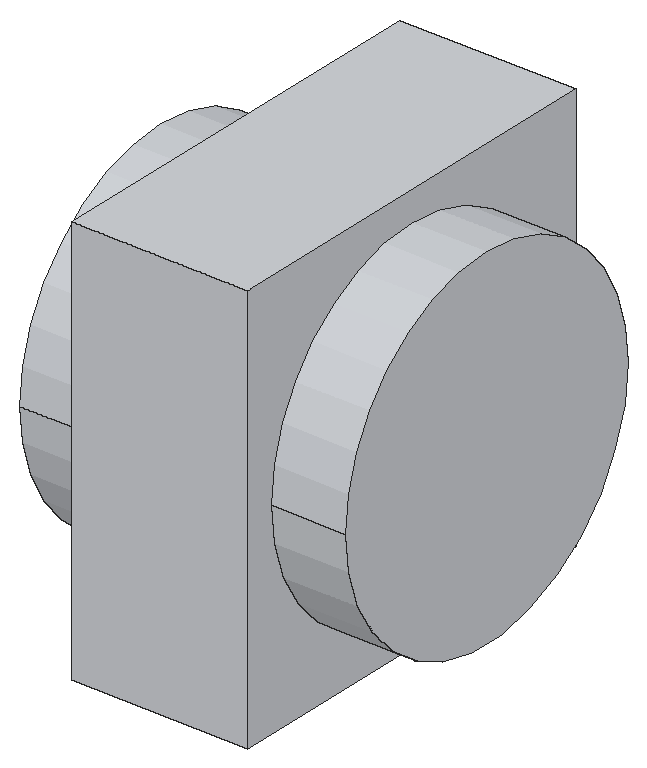
Revit family "M_Abafador de fogo - Redondo", category Acessórios de duto, Revit 2019
Family settings
  Cota do conector redondo = Usar raio
  Tipo de parte = Regulador de fluxo de ar
  Número OmniClass = 23.60.70.11.11
  Título OmniClass = Fire Dampers
  ID de item do Seek = Fire Damper - Round-0000-USA-ENU
  Com base no plano de trabalho = Não
  Sempre na vertical = Sim
  Corte com vazios quando carregada = Não
  Compartilhado = Não
Parameters (values of type "Padrão")
  Comprimento do abafador = 150 mm
  Comprimento do colarinho redondo [instance] = 64 mm
  Queda de pressão [instance] = 0.0 Pa
  Material do abafador de fogo = none
  Largura do abafador [instance] = Altura do abafador  # 350 mm
  Altura do abafador [instance] = Diâmetro do duto + 50 mm  # 350 mm
  Raio do duto [instance] = 150 mm
  Diâmetro do duto [instance] = Raio do duto * 2  # 300 mm
Reference planes
  plane 1 "Centro (Frente/Trás)": y = 0
  plane 2: z = 0
  plane 3 "Centro (Esquerda/Direita)": x = 0
  plane 4: y = 150
  plane 5: y = -150
  plane 6: x = 75
  plane 7: x = -75
  plane 8: x = -139
  plane 9: x = 139
  plane 10: z = 175
  plane 11: z = -175
  plane 12: y = -175
  plane 13: y = 175
Forms (mm)
  Extrusion 1, solid, material <- "Material do abafador de fogo"
    sketch origin (0, 0, 0) x (0, 1, 0) y (0, 0, 1)
      loop
        line (175, 175) -> (-175, 175) -> (-175, -175) -> (175, -175) -> (175, 175)
    from -75 to 75
  Extrusion 2, solid, material <- "Material do abafador de fogo"
    sketch origin (0, 0, 0) x (0, 1, 0) y (0, 0, 1)
      loop
        circle (0, 0) r 150
    from -139 to -75
  Extrusion 3, solid, material <- "Material do abafador de fogo"
    sketch origin (0, 0, 0) x (0, 1, 0) y (0, 0, 1)
      loop
        circle (0, 0) r 150
    from 75 to 139
Cuts and joins
  joined: Extrusion 1, Extrusion 2, Extrusion 3
Lines and regions (mm)
  symbolic lines, detail levels medium+fine
    curve 1: line (-139, 150, 0) -> (-139, -150, 0)
    curve 2: line (139, -150, 0) -> (139, 150, 0)
    curve 3: line (-75, 150, 0) -> (-139, 150, 0)
    curve 4: line (75, 150, 0) -> (139, 150, 0)
    curve 5: line (-75, -150, 0) -> (-139, -150, 0)
    curve 6: line (75, -150, 0) -> (139, -150, 0)
Dimensions and locks
  "Raio do duto": plane 1 "Centro (Frente/Trás)" to plane 4
  "Diâmetro do duto": plane 4 to plane 5
  equal spacing: plane 7, plane 3 "Centro (Esquerda/Direita)", plane 6
  "Comprimento do abafador": plane 7 to plane 6
  "Comprimento do colarinho redondo": plane 8 to plane 7
  "Comprimento do colarinho redondo": plane 6 to plane 9
  equal spacing: plane 10, plane 2, plane 11
  "Altura do abafador": plane 10 to plane 11
  equal spacing: plane 13, plane 1 "Centro (Frente/Trás)", plane 12
  "Largura do abafador": plane 13 to plane 12
  "Raio do duto": radius of Extrusion 2 sketch curve
  "Raio do duto": radius of Extrusion 3 sketch curve
  aligned and locked: plane 10 to Extrusion 1
  aligned and locked: plane 12 to Extrusion 1
  aligned and locked: plane 11 to Extrusion 1
  aligned and locked: plane 13 to Extrusion 1
  aligned and locked: plane 7 to Extrusion 1
  aligned and locked: plane 6 to Extrusion 1
  aligned and locked: plane 1 "Centro (Frente/Trás)" to Extrusion 2 sketch curve
  aligned and locked: plane 2 to Extrusion 2 sketch curve
  aligned and locked: plane 8 to Extrusion 2
  aligned and locked: curve 3 to plane 4
  aligned and locked: plane 4 to curve 4
  aligned and locked: plane 5 to curve 5
  aligned and locked: curve 6 to plane 5
  aligned and locked: plane 9 to curve 4
  aligned and locked: plane 6 to curve 6
  aligned and locked: plane 7 to curve 5
  aligned and locked: plane 8 to curve 5
  aligned and locked: Extrusion 2 to plane 7
  aligned and locked: plane 2 to Extrusion 3 sketch curve
  aligned and locked: plane 1 "Centro (Frente/Trás)" to Extrusion 3 sketch curve
  aligned and locked: plane 9 to Extrusion 3
  aligned and locked: Extrusion 3 to plane 6
Automatic sketch dimensions
  Extrusion 1 sketch curve to plane 10 = 0 mm
  Extrusion 1 sketch curve to plane 12 = 0 mm
  Extrusion 1 sketch curve to plane 11 = 0 mm
  Extrusion 1 sketch curve to plane 13 = 0 mm
  curve 4 to plane 6 = 0 mm
  curve 3 to plane 7 = 0 mm
Connectors
  hvac at (-139, 0, 0), driven by "Raio do duto", driven by "Queda de pressão"
    settings: on Extrusion 2, index 1, duct flow 0.0 L/s, flow factor 0, pres drop 0.0 Pa, loss coef 0, conn angle 0.00°, conn width 304.8 mm, conn height 304.8 mm, conn diameter 300 mm, duct sys type 29, conn prof type 0, flow config 0, flow direction 0, loss method 4, conn ref index 2, conn util no, is conn primary yes, conn desc ""
  hvac at (139, 0, 0), driven by "Raio do duto"
    settings: on Extrusion 3, index 2, duct flow 0.0 L/s, flow factor 0, pres drop 0.0 Pa, loss coef 0, conn angle 0.00°, conn width 304.8 mm, conn height 304.8 mm, conn diameter 300 mm, duct sys type 29, conn prof type 0, flow config 0, flow direction 0, loss method 4, conn ref index 1, conn util no, is conn primary no, conn desc ""
